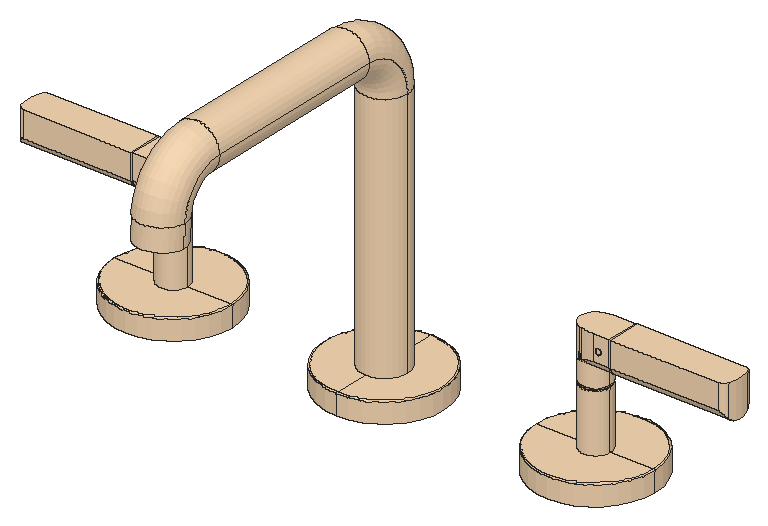
Revit family "Faucet-Lavatory-KALLISTA-One_Nazare-P23325", category Plumbing Fixtures, host Face, Revit 2022
Family settings
  Host = Face
  Round Connector Dimension = Use Diameter
  Part Type = Normal
  OmniClass Number = 23.31.11.00
  Cut with Voids When Loaded = No
  Maintain Annotation Orientation = No
  Shared = No
  Room Calculation Point = No
Parameters (values of type "2MB-Brushed Brass")
  Width [instance] = Faucet Hole Spacing  # 8"
  WaterSense Certified = 1 = 1  # yes
  Waste Water Outlet = "Waste Water Outlet"  # constant formula
  Waste Connection = 1 = 0  # no
  Vent Connection = 1 = 0  # no
  URL = "https://www.kallista.com/"
  Type = 4
  Spout Reach = 5.31102"  # constant formula
  Product Page URL = ""
  Product Name = "One Nazare"  # constant formula
  Product Documentation Link = "https://resources.kohler.com/interiors/kallista/pdf/1374843-4.pdf"
  Pressure = 60.00 psi  # constant formula
  Model = if(Type = 1, "P23325-LV-CP", if(Type = 2, "P23325-LV-SN", if(Type = 3, "P23325-LV-BAF", if(Type = 4, "P23325-LV-2MB", "NA"))))  # "P23325-LV-2MB"
  Material = "Premium Metal Construction"  # constant formula
  Master Format 2014 Name = "Residential Faucets, Supplies, and Trim"  # constant formula
  Master Format 2014 = "22 41 39"  # constant formula
  Manufacturer Address = "444 Highland Dr, Kohler, WI 53044"  # constant formula
  Manufacturer = "Kallista Co."  # constant formula
  Length = Spout Reach  # 5.31102"
  Hot Water Inlet = "Hot Water Inlet"  # constant formula
  Height = 6.48031"  # constant formula
  Handle Height = 2 133/256"  # constant formula
  Handle Clearance = 2.74016"  # constant formula
  HW Connection = 1 = 1  # yes
  Flow Rate = 1.2 GPM  # constant formula
  Finish = Kallista-Metal-2MB- Brushed_Brass
  Faucet Hole Spacing [instance] = 8"
  Environmental Product Declaration = ""
  Drain Included = 1 = 1  # yes
  Description = "Sink Faucet, Tall Spout, Lever Handle"  # constant formula
  Default Elevation = 36"
  Declare Label = ""
  Date Modified = "10/12/2024"  # constant formula
  Date Created = "01/05/2022"  # constant formula
  Copyright = "Copyright Kallista Co."  # constant formula
  Contact Us = "https://www.kallista.com/corporate/contact-us/"
  Cold Water Inlet = "Cold Water Inlet"  # constant formula
  CW Connection = 1 = 1  # yes
  Assembly Code = "D2010"
  ADA Compliant = 1 = 1  # yes
Types (5): name | Type | Product Page URL | Model | Finish
  (no name) | 4 | "" | "P23325-LV-2MB" | Kallista-Metal-2MB- Brushed_Brass
  CP-Chrome | 1 | "https://www.kallista.com/products/luxury-bathroom/faucets/sink-faucets/one-nazar%C3%A9-sink-faucet-tall-spout-lever-handles-p23325-lv/cp-chrome" | "P23325-LV-CP" | Kallista-Metal-CP-Chrome
  SN-Polished Nickel | 2 | "https://www.kallista.com/products/luxury-bathroom/faucets/sink-faucets/one-nazar%C3%A9-sink-faucet-tall-spout-lever-handles-p23325-lv/sn-polished-nickel" | "P23325-LV-SN" | Kallista-Metal-SN-Polished_Nickel
  BAF-Brushed French Gold | 3 | "https://www.kallista.com/products/luxury-bathroom/faucets/sink-faucets/one-nazar%C3%A9-sink-faucet-tall-spout-lever-handles-p23325-lv/baf-brushed-french-gold" | "P23325-LV-BAF" | Kallista-Metal-BAF-Brushed_French_Gold
  2MB-Brushed Brass | 4 | "" | "P23325-LV-2MB" | Kallista-Metal-2MB- Brushed_Brass
Reference planes (in)
  plane 1 "Center (Front/Back)": y = 0
  plane 2: z = 0
  plane 3 "Center (Left/Right)": x = 0
  plane 4: x = -4
  plane 5: x = 4
  plane 6: y = 1.12598
  plane 7: y = -1.12598
  plane 8: x = 5.12598
  plane 9: x = 2.87402
  plane 10: x = -6.74016
  plane 11: z = 1.81
  plane 12: z = 1.36
  plane 13: z = 0.3937
  plane 14: x = -5.12598
  plane 15: x = -2.87402
  plane 16: x = 6.74016
  plane 17: y = -5.31102
  plane 18: x = 1.12598
  plane 19: x = -1.12598
  plane 20: z = 6.48031
  plane 21: z = 4.83
  plane 22: y = -5.74402
  plane 23: z = 2.51953
  plane 24: y = 0.44094
  plane 25: y = -0.44094
  plane 26: z = 5.59811
  plane 27: x = 0.44094
  plane 28: x = -0.44094
  plane 29: x = 4.28001
  plane 30: x = 3.71999
  plane 31: x = -3.71999
  plane 32: x = -4.28001
Dimensions and locks (in)
  equal spacing: plane 4, plane 3 "Center (Left/Right)", plane 5
  "Width": plane 4 to plane 5
  "Length": plane 17 to plane 1 "Center (Front/Back)"
  "Handle Clearance": plane 4 to plane 10
  "Handle Clearance": plane 5 to plane 16
  "Height": plane 20 to level
  level to plane 21 = 4.83"
  locked: plane 4 to plane 14 at 1.12598
  locked: plane 15 to plane 4 at 1.12598
  locked: plane 9 to plane 5 at 1.12598
  locked: plane 5 to plane 8 at 1.12598
  "Handle Height": level to plane 23
  locked: plane 15 to plane 31 at 0.84597
  locked: plane 32 to plane 15 at 1.406
  locked: plane 30 to plane 9 at 0.84597
  locked: plane 9 to plane 29 at 1.406
  aligned and locked: plane 2 to host face
  aligned and locked: level to host face
  aligned and locked: plane 4 to nested 1  (x2)
  aligned and locked: nested 2 to plane 5  (x2)
  aligned and locked: plane 3 "Center (Left/Right)" to nested 3
Automatic sketch dimensions
  host sketch curve to host sketch curve = 96"  (x2)
Nested families (in)
  nested 1: "P23325_Handle" at (-4, 0, 0), type "P23325_Handle"
  nested 2: "P23325_Handle" at (4, 0, 0) x (-1, 0, 0) z (0, 0, 1), type "P23325_Handle"
  nested 3: "P23325_Spout" at (0, 0, 0), type "P23325_Spout"
Connectors (in)
  piping at (4, 0, 0), diameter 0.5, driven by "Flow Rate", driven by "Pressure", driven by "CW Connection", driven by "Cold Water Inlet"
    settings: on nested 2, index 1, connector inside diameter 24", connector length 0", flow factor 0, pipe flow 1.2 GPM, pressure drop 60.00 psi, fitting loss kfactor 0, connector angle 0.00°, fixture units 0, engagement length 0", angle of deflection 0.00°, flow configuration 1, flow direction 1, fitting loss method 4, system type 20, joint type 0, gender type 0, connector reference index -1, connector utility 1, adjustable connector no, is connector primary yes, connector description "Cold Water Inlet"
  piping at (-4, 0, 0), diameter 0.5, driven by "Flow Rate", driven by "Pressure", driven by "HW Connection", driven by "Hot Water Inlet"
    settings: on nested 1, index 3, connector inside diameter 24", connector length 0", flow factor 0, pipe flow 1.2 GPM, pressure drop 60.00 psi, fitting loss kfactor 0, connector angle 0.00°, fixture units 0, engagement length 0", angle of deflection 0.00°, flow configuration 1, flow direction 1, fitting loss method 4, system type 19, joint type 0, gender type 0, connector reference index -1, connector utility 1, adjustable connector no, is connector primary no, connector description "Hot Water Inlet"
Definition of nested family "P23325_Handle"
  Parameters (values of type "P23325_Handle")
    Material = none
    Default Elevation = 0"
  Reference planes (in)
    plane 1 "Center (Front/Back)": y = 0
    plane 2: z = 0
    plane 3 "Center (Left/Right)": x = 0
    plane 4: y = 1.12598
    plane 5: x = -1.12598
    plane 6: z = 2.52
    plane 7: z = 1.81
    plane 8: z = 0.3937
    plane 9: x = -2.74
    plane 10: x = 0
    plane 11: y = -1.12598
    plane 12: x = 1.12598
    plane 13: z = 1.51
    plane 14: x = 0.28001
    plane 15: x = -0.28001
  Forms (in)
    Revolve 1, solid, material <- "Material", detail levels coarse
      sketch origin (0, 0, 0) x (1, 0, 0) y (0, 0, 1)
        loop
          line (0, 0) -> (0, 1.78015) -> (-0.27976, 1.78015) -> (-0.27976, 1.63902) -> (-0.27976, 0.3937) -> (-1.12598, 0.3937) -> (-1.12598, 0) -> (0, 0)
        axis (0, 0) -> (0, 1.78015)
      angle from 0 to 360
    Extrusion 2, solid, material <- "Material", detail levels medium+fine
      sketch origin (0, 0, 0) x (1, 0, 0) y (0, 1, 0)
        loop
          circle (0, 0) r 0.25
      from 0 to 0.07874
    Extrusion 3, solid, material <- "Material", detail levels medium+fine
      sketch origin (0, 0, 0) x (1, 0, 0) y (0, 1, 0)
        loop
          arc (0.07816, 0.26862) -> (0.06077, 0.27359) -> (0.04333, 0.27838) r 1.85399
          arc (0.04333, 0.27838) -> (-0.08736, 0.30457) -> (-0.22036, 0.31335) r 1.01181
          line (-0.22036, 0.31335) -> (-2.58143, 0.31335)
          arc (-2.58143, 0.31335) -> (-2.66037, 0.28717) -> (-2.70802, 0.21902) r 0.1321
          arc (-2.70802, 0.21902) -> (-2.74, 0.00079) -> (-2.70847, -0.2175) r 0.76598
          arc (-2.70847, -0.2175) -> (-2.66022, -0.28674) -> (-2.58012, -0.31335) r 0.13386
          line (-2.58012, -0.31335) -> (-0.22036, -0.31335)
          arc (-0.22036, -0.31335) -> (-0.08736, -0.30457) -> (0.04333, -0.27838) r 1.01181
          arc (0.04333, -0.27838) -> (0.06077, -0.27359) -> (0.07816, -0.26862) r 1.85399
          arc (0.07816, -0.26862) -> (0.27976, 0) -> (0.07816, 0.26862) r 0.27976
      from 1.81 to 2.52
    Extrusion 4, void
      sketch origin (0, 0, 0) x (0, 1, 0) y (0, 0, 1)
        loop
          line (0.43044, 2.15052) -> (0.33619, 2.15052)
          arc (0.33619, 2.15052) -> (0.27495, 1.97059) -> (0.12815, 1.84986) r 0.34721
          arc (0.12815, 1.84986) -> (0, 1.82315) -> (-0.12815, 1.84986) r 0.32074
          arc (-0.12815, 1.84986) -> (-0.27495, 1.97059) -> (-0.33619, 2.15052) r 0.34721
          line (-0.33619, 2.15052) -> (-0.43044, 2.15052) -> (-0.43044, 1.71114) -> (0.43044, 1.71114) -> (0.43044, 2.15052)
      from -2.96352 to 0.54766
    Extrusion 5, void
      sketch origin (0, 0, 0) x (0, 1, 0) y (0, 0, 1)
        loop
          line (0.35272, 2.55937) -> (-0.35272, 2.55937) -> (-0.35272, 2.036)
          arc (-0.35272, 2.036) -> (-0.26687, 1.89895) -> (-0.13246, 1.80901) r 0.38658
          spline (-0.13246, 1.80901) -> (-0.11127, 1.80135) -> (-0.0896, 1.79504) -> (-0.06754, 1.7901) -> (-0.04519, 1.78655) -> (-0.02264, 1.78441) -> (0, 1.78369) -> (0.02265, 1.78441) -> (0.04519, 1.78655) -> (0.06754, 1.7901) -> (0.0896, 1.79504) -> (0.11128, 1.80135) -> (0.13246, 1.80901)
          arc (0.13246, 1.80901) -> (0.26687, 1.89895) -> (0.35272, 2.036) r 0.38658
          line (0.35272, 2.036) -> (0.35272, 2.55937)
        loop
          line (0.27398, 2.48063) -> (-0.27398, 2.48063) -> (-0.27398, 2.0507)
          arc (-0.27398, 2.0507) -> (-0.20575, 1.94914) -> (-0.10336, 1.88217) r 0.30784
          spline (-0.10336, 1.88217) -> (-0.08689, 1.87622) -> (-0.07001, 1.8713) -> (-0.0528, 1.86745) -> (-0.03534, 1.86468) -> (-0.01771, 1.863) -> (0, 1.86243) -> (0.01771, 1.863) -> (0.03534, 1.86468) -> (0.0528, 1.86745) -> (0.07001, 1.87131) -> (0.08689, 1.87622) -> (0.10336, 1.88217)
          arc (0.10336, 1.88217) -> (0.20575, 1.94914) -> (0.27398, 2.0507) r 0.30784
          line (0.27398, 2.0507) -> (0.27398, 2.48063)
      from -0.54223 to -0.51098
    Extrusion 6, void
      sketch origin (0, 0, 0) x (1, 0, 0) y (0, 0, 1)
        loop
          circle (-0.31133, 2.24331) r 0.05906
      from 0.3062 to 0.37148
    Extrusion 7, void
      sketch origin (0, 0, 0) x (1, 0, 0) y (0, 0, -1)
        loop
          circle (-0.31133, -2.24331) r 0.05906
      from 0.3062 to 0.37148
    Extrusion 8, solid, material <- "Material", detail levels coarse
      sketch origin (0, 0, 0) x (1, 0, 0) y (0, 1, 0)
        loop
          line (-0.22036, 0.31335) -> (-2.67298, 0.31335)
          arc (-2.67298, 0.31335) -> (-2.74, 0.00087) -> (-2.67368, -0.31176) r 0.76598
          line (-2.67368, -0.31176) -> (-0.16377, -0.31176)
          arc (-0.16377, -0.31176) -> (-0.01872, -0.29595) -> (0.11951, -0.24925) r 0.67314
          arc (0.11951, -0.24925) -> (0.27841, 0.03332) -> (0.06077, 0.27359) r 0.27736
          arc (0.06077, 0.27359) -> (-0.07839, 0.30336) -> (-0.22036, 0.31335) r 1.01368
      from 1.78015 to 2.52
    Extrusion 9, solid, detail levels medium+fine
      sketch origin (0, 0, 0) x (1, 0, 0) y (0, 0, 1)
        loop
          circle (-0.31133, 2.24331) r 0.04997
      from 0.28729 to 0.31176
    Extrusion 10, solid, detail levels medium+fine
      sketch origin (0, 0, 0) x (1, 0, 0) y (0, 0, -1)
        loop
          circle (-0.31133, -2.24331) r 0.04997
      from 0.28729 to 0.31176
    Revolve 11, solid, material <- "Material", detail levels medium+fine
      sketch origin (0, 0, 0) x (1, 0, 0) y (0, 0, 1)
        loop
          line (0, 0) -> (0, 2.07226) -> (-0.27976, 2.07226) -> (-0.27976, 1.52969)
          arc (-0.27976, 1.52969) -> (-0.27399, 1.51577) -> (-0.26007, 1.51) r 0.01969
          arc (-0.26007, 1.51) -> (-0.27399, 1.50423) -> (-0.27976, 1.49031) r 0.01969
          line (-0.27976, 1.49031) -> (-0.27976, 0.3937) -> (-1.1063, 0.3937)
          arc (-1.1063, 0.3937) -> (-1.12022, 0.38794) -> (-1.12598, 0.37402) r 0.01969
          line (-1.12598, 0.37402) -> (-1.12598, 0) -> (0, 0)
        axis (0, 0) -> (0, 2.07226)
      angle from 0 to 360
  Cuts and joins
    Extrusion 4, Extrusion 5, Extrusion 6, Extrusion 7 cuts Extrusion 3
  Lines and regions (in)
    Masking region 1
      outline origin (0, 0, 0) x (1, 0, 0) y (0, 1, 0)
        loop
          line (-1.08151, 0.31335) -> (-2.58143, 0.31335)
          arc (-2.58143, 0.31335) -> (-2.66037, 0.28717) -> (-2.70802, 0.21902) r 0.1321
          arc (-2.70802, 0.21902) -> (-2.74, 0.00079) -> (-2.70847, -0.2175) r 0.76598
          arc (-2.70847, -0.2175) -> (-2.66022, -0.28674) -> (-2.58012, -0.31335) r 0.13386
          line (-2.58012, -0.31335) -> (-1.08151, -0.31335)
          arc (-1.08151, -0.31335) -> (1.12598, 0) -> (-1.08151, 0.31335) r 1.12598
    Masking region 2
      outline origin (0, 0, 0) x (1, 0, 0) y (0, 0, 1)
        loop
          line (-1.12598, 0.37402) -> (-1.12598, 0) -> (1.12598, 0) -> (1.12598, 0.37402)
          arc (1.12598, 0.37402) -> (1.12022, 0.38794) -> (1.1063, 0.3937) r 0.01969
          line (1.1063, 0.3937) -> (0.28001, 0.3937) -> (0.28001, 1.49031)
          arc (0.28001, 1.49031) -> (0.27425, 1.50423) -> (0.26033, 1.51) r 0.01969
          arc (0.26033, 1.51) -> (0.27425, 1.51577) -> (0.28001, 1.52969) r 0.01969
          line (0.28001, 1.52969) -> (0.28001, 2.48063)
          arc (0.28001, 2.48063) -> (0.26848, 2.50847) -> (0.24064, 2.52) r 0.03937
          line (0.24064, 2.52) -> (-0.49013, 2.52)
          arc (-0.49013, 2.52) -> (-0.50487, 2.51389) -> (-0.51098, 2.49915) r 0.02085
          line (-0.51098, 2.49915) -> (-0.51098, 2.4671) -> (-0.54223, 2.4671) -> (-0.54223, 2.49915)
          arc (-0.54223, 2.49915) -> (-0.54834, 2.51389) -> (-0.56308, 2.52) r 0.02085
          line (-0.56308, 2.52) -> (-2.70018, 2.52)
          arc (-2.70018, 2.52) -> (-2.72834, 2.50834) -> (-2.74, 2.48018) r 0.03982
          line (-2.74, 2.48018) -> (-2.74, 2.24507)
          arc (-2.74, 2.24507) -> (-2.73187, 2.10215) -> (-2.70758, 1.96108) r 1.26022
          arc (-2.70758, 1.96108) -> (-2.64894, 1.86024) -> (-2.54367, 1.81) r 0.19774
          line (-2.54367, 1.81) -> (-0.56204, 1.81)
          arc (-0.56204, 1.81) -> (-0.54798, 1.81645) -> (-0.54223, 1.83082) r 0.02085
          line (-0.54223, 1.83082) -> (-0.54223, 1.86323) -> (-0.51098, 1.86323) -> (-0.51098, 1.83082)
          arc (-0.51098, 1.83082) -> (-0.50524, 1.81645) -> (-0.49117, 1.81) r 0.02085
          arc (-0.49117, 1.81) -> (-0.47054, 1.81029) -> (-0.44996, 1.80894) r 0.25791
          arc (-0.44996, 1.80894) -> (-0.32875, 1.74706) -> (-0.28001, 1.62) r 0.19
          line (-0.28001, 1.62) -> (-0.28001, 1.52969)
          arc (-0.28001, 1.52969) -> (-0.27425, 1.51577) -> (-0.26033, 1.51) r 0.01969
          arc (-0.26033, 1.51) -> (-0.27425, 1.50423) -> (-0.28001, 1.49031) r 0.01969
          line (-0.28001, 1.49031) -> (-0.28001, 0.3937) -> (-1.1063, 0.3937)
          arc (-1.1063, 0.3937) -> (-1.12022, 0.38794) -> (-1.12598, 0.37402) r 0.01969
    Masking region 3
      outline origin (0, 0, 0) x (0, 1, 0) y (0, 0, 1)
        loop
          line (0.31335, 2.14167) -> (0.31335, 2.48063)
          arc (0.31335, 2.48063) -> (0.30182, 2.50847) -> (0.27398, 2.52) r 0.03937
          line (0.27398, 2.52) -> (-0.27398, 2.52)
          arc (-0.27398, 2.52) -> (-0.30182, 2.50847) -> (-0.31335, 2.48063) r 0.03937
          line (-0.31335, 2.48063) -> (-0.31335, 2.14167)
          arc (-0.31335, 2.14167) -> (-0.30994, 2.07521) -> (-0.30272, 2.00906) r 1.15753
          arc (-0.30272, 2.00906) -> (-0.2855, 1.84271) -> (-0.27976, 1.67558) r 2.4333
          line (-0.27976, 1.67558) -> (-0.27976, 1.52969)
          arc (-0.27976, 1.52969) -> (-0.27399, 1.51577) -> (-0.26007, 1.51) r 0.01969
          arc (-0.26007, 1.51) -> (-0.27399, 1.50423) -> (-0.27976, 1.49031) r 0.01969
          line (-0.27976, 1.49031) -> (-0.27976, 0.3937) -> (-1.1063, 0.3937)
          arc (-1.1063, 0.3937) -> (-1.12022, 0.38794) -> (-1.12598, 0.37402) r 0.01969
          line (-1.12598, 0.37402) -> (-1.12598, 0) -> (1.12598, 0) -> (1.12598, 0.37402)
          arc (1.12598, 0.37402) -> (1.12022, 0.38794) -> (1.1063, 0.3937) r 0.01969
          line (1.1063, 0.3937) -> (0.27976, 0.3937) -> (0.27976, 1.49031)
          arc (0.27976, 1.49031) -> (0.27399, 1.50423) -> (0.26007, 1.51) r 0.01969
          arc (0.26007, 1.51) -> (0.27399, 1.51577) -> (0.27976, 1.52969) r 0.01969
          line (0.27976, 1.52969) -> (0.27976, 1.67558)
          arc (0.27976, 1.67558) -> (0.2855, 1.84271) -> (0.30272, 2.00906) r 2.4333
          arc (0.30272, 2.00906) -> (0.30994, 2.07521) -> (0.31335, 2.14167) r 1.15753
    symbolic lines, detail levels medium+fine
      curve 1: line (-1.08151, -0.31335, 0) -> (-0.55798, -0.31335, 0)
      curve 2: line (-0.22036, 0.31335, 0) -> (-0.49523, 0.31335, 0)
      curve 3: line (-0.54223, 0.2976, 0) -> (-0.54223, -0.2976, 0)
      curve 4: line (-0.51098, -0.2976, 0) -> (-0.51098, 0.2976, 0)
      curve 5: line (-0.54223, 0.27398, 0) -> (-0.51098, 0.27398, 0)
      curve 6: line (-0.51098, -0.27398, 0) -> (-0.54223, -0.27398, 0)
      curve 7: arc (0.04333, 0.27838, 0) -> (-0.08736, 0.30457, 0) -> (-0.22036, 0.31335, 0) r 1.01181
      curve 8: arc (0.07816, -0.26862, 0) -> (0.27976, 0, 0) -> (0.07816, 0.26862, 0) r 0.27976
      curve 9: arc (0.04333, -0.27838, 0) -> (0.06077, -0.27359, 0) -> (0.07816, -0.26862, 0) r 1.85399
      curve 10: arc (-0.22036, -0.31335, 0) -> (-0.08736, -0.30457, 0) -> (0.04333, -0.27838, 0) r 1.01181
      curve 11: arc (0.07816, 0.26862, 0) -> (0.06077, 0.27359, 0) -> (0.04333, 0.27838, 0) r 1.85399
      curve 12: line (-0.54223, 0, 2.48018) -> (-0.54223, 0, 1.86323)
      curve 13: line (-0.51098, 0, 2.48063) -> (-0.51098, 0, 1.86323)
      curve 14: line (-0.26007, 0, 1.51) -> (0.26007, 0, 1.51)
      curve 15: line (-0.28001, 0, 1.52969) -> (0.28001, 0, 1.52969)
      curve 16: line (-0.28001, 0, 1.49031) -> (0.28001, 0, 1.49031)
      curve 17: line (-0.28001, 0, 0.3937) -> (0.28001, 0, 0.3937)
      curve 18: circle (-0.31133, 0, 2.24331) r 0.05906 normal (0, -1, 0)
      curve 19: circle (-0.31133, 0, 2.24331) r 0.04997 normal (0, 1, 0)
      curve 20: line (0, 0.27976, 0.3937) -> (0, -0.27976, 0.3937)
      curve 21: line (0, 0.26007, 1.51) -> (0, -0.26007, 1.51)
      curve 22: line (0, 0.27976, 1.49031) -> (0, -0.27976, 1.49031)
      curve 23: line (0, 0.27976, 1.52969) -> (0, -0.27976, 1.52969)
      curve 24: arc (0, 0.12815, 1.84986) -> (0, 0, 1.82315) -> (0, -0.12815, 1.84986) r 0.32074
      curve 25: arc (0, -0.12815, 1.84986) -> (0, -0.20022, 1.89225) -> (0, -0.26007, 1.95065) r 0.34721
      curve 26: arc (0, 0.26007, 1.95065) -> (0, 0.20022, 1.89225) -> (0, 0.12815, 1.84986) r 0.34721
      curve 27: arc (0, 0.308, 2.05354) -> (0, 0.29026, 1.99919) -> (0, 0.26007, 1.95065) r 0.23775
      curve 28: arc (0, -0.308, 2.05354) -> (0, -0.29026, 1.99919) -> (0, -0.26007, 1.95065) r 0.23775
      curve 29: arc (0, -0.23376, 2.09958) -> (0, -0.22474, 2.04679) -> (0, -0.1987, 1.99998) r 0.15901
      curve 30: arc (0, -0.1987, 1.99998) -> (0, -0.15242, 1.95482) -> (0, -0.09669, 1.92204) r 0.26847
      curve 31: arc (0, -0.09669, 1.92204) -> (0, 0, 1.90189) -> (0, 0.09669, 1.92204) r 0.242
      curve 32: arc (0, 0.09669, 1.92204) -> (0, 0.15242, 1.95482) -> (0, 0.1987, 1.99998) r 0.26847
      curve 33: arc (0, 0.1987, 1.99998) -> (0, 0.22474, 2.04679) -> (0, 0.23376, 2.09958) r 0.15901
      curve 34: line (0, 0.23461, 2.09958) -> (0, 0.23461, 2.46094)
      curve 35: line (0, 0.31335, 2.48063) -> (0, -0.31335, 2.48063)
      curve 36: line (0, -0.23461, 2.46094) -> (0, -0.23461, 2.09958)
      curve 37: arc (0, 0.23461, 2.46094) -> (0, 0.22884, 2.47486) -> (0, 0.21492, 2.48063) r 0.01969
      curve 38: arc (0, -0.21492, 2.48063) -> (0, -0.22884, 2.47486) -> (0, -0.23461, 2.46094) r 0.01969
      curve 39: arc (-2.43476, 0, 1.89458) -> (-1.60569, 0, 1.88482) -> (-0.77661, 0, 1.89458) r 35.22615
      curve 40: arc (-2.72015, 0, 2.02229) -> (-2.59031, 0, 1.92971) -> (-2.43476, 0, 1.89458) r 0.40409
      curve 41: line (-0.51098, 0, 1.88217) -> (-0.44132, 0, 1.88217)
      curve 42: arc (-0.44132, 0, 1.88217) -> (-0.297, 0, 1.83146) -> (-0.21613, 0, 1.70161) r 0.2307
      curve 43: arc (-0.21613, 0, 1.70161) -> (-0.20297, 0, 1.61614) -> (-0.20122, 0, 1.52969) r 0.65267
      curve 44: arc (-2.43291, 0, 1.9733) -> (-1.60569, 0, 1.96356) -> (-0.77846, 0, 1.9733) r 35.14741
      curve 45: line (-0.51098, 0, 1.96091) -> (-0.44132, 0, 1.96091)
      curve 46: arc (-0.44132, 0, 1.96091) -> (-0.24774, 0, 1.89289) -> (-0.13927, 0, 1.71872) r 0.30944
      curve 47: arc (-0.13927, 0, 1.71872) -> (-0.12452, 0, 1.62294) -> (-0.12257, 0, 1.52606) r 0.73141
      curve 48: arc (-2.73482, 0, 2.13091) -> (-2.60222, 0, 2.01695) -> (-2.43291, 0, 1.9733) r 0.38544
      curve 49: line (-0.55798, 0.31335, 0) -> (-1.08151, 0.31335, 0)
      curve 50: line (-0.49523, -0.31335, 0) -> (-0.22036, -0.31335, 0)
      curve 51: arc (-2.58143, 0.28973, 0) -> (-2.64625, 0.26823, 0) -> (-2.68539, 0.21226, 0) r 0.10848
      curve 52: arc (-2.68539, 0.21226, 0) -> (-2.71638, 0.00077, 0) -> (-2.68582, -0.21079, 0) r 0.74236
      curve 53: line (-0.22036, 0.28973, 0) -> (-0.51098, 0.28973, 0)
      curve 54: line (-2.59874, -0.28814, 0) -> (-0.54223, -0.28814, 0)
      curve 55: arc (-2.68582, -0.21079, 0) -> (-2.65333, -0.26191, 0) -> (-2.59874, -0.28814, 0) r 0.11024
      curve 56: arc (0.07156, -0.24594, 0) -> (0.25614, 0, 0) -> (0.07156, 0.24594, 0) r 0.25614
      curve 57: arc (0.03717, 0.25558, 0) -> (-0.09046, 0.28115, 0) -> (-0.22036, 0.28973, 0) r 0.98819
      curve 58: arc (-0.16444, -0.28814, 0) -> (-0.06279, -0.27708, 0) -> (0.03717, -0.25558, 0) r 0.98819
      curve 59: arc (0.03717, -0.25558, 0) -> (0.05439, -0.25084, 0) -> (0.07156, -0.24594, 0) r 1.83037
      curve 60: arc (0.07156, 0.24594, 0) -> (0.05439, 0.25084, 0) -> (0.03717, 0.25558, 0) r 1.83037
      curve 61: line (-0.54223, 0.28973, 0) -> (-2.58143, 0.28973, 0)
      curve 62: line (-0.51098, -0.28814, 0) -> (-0.16444, -0.28814, 0)
      curve 63: arc (-0.54223, 0.2976, 0) -> (-0.54684, 0.30874, 0) -> (-0.55798, 0.31335, 0) r 0.01575
      curve 64: arc (-0.49523, 0.31335, 0) -> (-0.50637, 0.30874, 0) -> (-0.51098, 0.2976, 0) r 0.01575
      curve 65: arc (-0.49523, -0.31335, 0) -> (-0.50637, -0.30874, 0) -> (-0.51098, -0.2976, 0) r 0.01575
      curve 66: arc (-0.55798, -0.31335, 0) -> (-0.54684, -0.30874, 0) -> (-0.54223, -0.2976, 0) r 0.01575
      curve 67: line (-0.55798, -0.31335, 0) -> (-0.55798, 0.31335, 0)
      curve 68: line (-0.49523, 0.31335, 0) -> (-0.49523, -0.31335, 0)
      curve 69: arc (1.10236, 0, 0) -> (0.15832, 1.09093, 0) -> (-1.05689, 0.31335, 0) r 1.10236
      curve 70: arc (-1.05689, -0.31335, 0) -> (0.15832, -1.09093, 0) -> (1.10236, 0, 0) r 1.10236
      curve 71: line (-1.12598, 0, 0.37402) -> (1.12598, 0, 0.37402)
      curve 72: arc (-0.77846, 0, 1.9733) -> (-0.65944, 0, 1.9828) -> (-0.54223, 0, 2.00559) r 1.06364
      curve 73: arc (-0.77661, 0, 1.89458) -> (-0.65826, 0, 1.90502) -> (-0.54223, 0, 1.93061) r 0.92178
      curve 74: arc (-0.54223, 0, 2.00559) -> (-0.3147, 0, 2.01371) -> (-0.10406, 0, 1.92728) r 0.53974
      curve 75: arc (-0.10406, 0, 1.92728) -> (0.07946, 0, 1.84578) -> (0.28001, 0, 1.83573) r 0.54893
      curve 76: arc (-0.14864, 0, 1.86237) -> (-0.22752, 0, 1.90588) -> (-0.31336, 0, 1.93321) r 0.461
      curve 77: arc (0.27976, 0, 1.75634) -> (0.05593, 0, 1.77046) -> (-0.14864, 0, 1.86237) r 0.62767
      curve 78: arc (0.27976, 0, 1.67712) -> (0.0533, 0, 1.6902) -> (-0.15733, 0, 1.77438) r 0.70641
      curve 79: line (-0.36567, 0, 2.52) -> (-0.38679, 0, 2.02164)
      curve 80: arc (-0.38679, 0, 2.02164) -> (-0.40633, 0, 1.91101) -> (-0.45413, 0, 1.80935) r 0.42552
      curve 81: line (-0.22036, 0, 2.52) -> (-0.28001, 0, 1.9908)
      curve 82: arc (-0.28001, 0, 1.9908) -> (-0.30892, 0, 1.87924) -> (-0.36779, 0, 1.78015) r 0.40925
      curve 83: line (-0.13517, 0, 2.52) -> (-0.18679, 0, 2.06209)
      curve 84: arc (-0.18679, 0, 2.06209) -> (-0.17316, 0, 1.94051) -> (-0.10823, 0, 1.83683) r 0.27548
      curve 85: arc (-0.10823, 0, 1.83683) -> (-0.08855, 0, 1.6838) -> (-0.08136, 0, 1.52969) r 1.8998
      curve 86: arc (0, 0.16519, 2.48063) -> (0, 0.17978, 2.22292) -> (0, 0.16519, 1.96522) r 2.28391
      curve 87: arc (0, 0.26007, 1.95065) -> (0, 0.23839, 1.7407) -> (0, 0.23376, 1.52969) r 2.6082
      curve 88: arc (0, 0.23376, 1.92146) -> (0, 0.20778, 1.72614) -> (0, 0.19258, 1.52969) r 3.58174
      curve 89: arc (0, -0.26007, 1.95065) -> (0, -0.23839, 1.7407) -> (0, -0.23376, 1.52969) r 2.6082
      curve 90: arc (0, -0.23376, 1.92146) -> (0, -0.20778, 1.72614) -> (0, -0.19258, 1.52969) r 3.58174
      curve 91: line (0, 1.12598, 0.37402) -> (0, -1.12598, 0.37402)
      curve 92: line (-2.74, 0, 2.48018) -> (-0.54223, 0, 2.48018)
      curve 93: line (0.28001, 0, 2.48063) -> (-0.51098, 0, 2.48063)
      curve 94: line (-0.56308, 0, 2.52) -> (-0.56308, 0, 1.81)
      curve 95: line (-0.49117, 0, 1.81) -> (-0.49117, 0, 2.5223)
      curve 96: line (0.24064, 0, 2.52) -> (0.24064, 0, 1.52969)
      curve 97: arc (-2.70018, 0, 2.52) -> (-2.7199, 0, 2.2612) -> (-2.70018, 0, 2.00241) r 1.70789
  Dimensions and locks (in)
    plane 9 to plane 3 "Center (Left/Right)" = 2.74"
    plane 8 to level = 0.3937"
    plane 7 to level = 1.81"
    plane 6 to level = 2.52"
    plane 4 to plane 1 "Center (Front/Back)" = 1.12598"
    locked: plane 9 to plane 10 at 2.74
    locked: plane 5 to plane 12 at 2.25197
    locked: plane 4 to plane 11 at 2.25197
    aligned and locked: level to plane 2
Definition of nested family "P23325_Spout"
  Parameters (values of type "P23325_Spout")
    Material = none
    Default Elevation = 0"
  Reference planes (in)
    plane 1 "Center (Front/Back)": y = 0
    plane 2: z = 0
    plane 3 "Center (Left/Right)": x = 0
    plane 4: y = 1.12598
    plane 5: x = 1.12598
    plane 6: z = 6.48
    plane 7: z = 4.83
    plane 8: y = -5.31
    plane 9: z = 0.39985
    plane 10: y = -1.12598
    plane 11: x = -1.12598
    plane 12: z = 6.03906
    plane 13: y = -5.74402
    plane 14: y = 0.44094
    plane 15: y = -0.44094
    plane 16: z = 5.59811
    plane 17: y = -4.86213
    plane 18 "1": through (0, -5.53464, 4.85351) normal (0, 0.0523, 0.9986)
    plane 19: x = 0.44094
    plane 20: x = -0.44094
  Forms (in)
    Sweep 1, solid, material <- "Material", detail levels medium+fine
      path origin (0, -0.07639, -0.02763) x (0, 1, 0) y (0, 0, 1)
        loop
          line (-5.23168, 4.85763) -> (-5.20984, 5.27442)
          arc (-5.20984, 5.27442) -> (-4.95044, 5.83709) -> (-4.37496, 6.06669) r 0.83602
          line (-4.37496, 6.06669) -> (-0.83801, 6.06669)
          arc (-0.83801, 6.06669) -> (-0.19143, 5.79886) -> (0.07639, 5.15229) r 0.9144
          line (0.07639, 5.15229) -> (0.07639, 0.42133)
      profile origin (0, 0, 2.75918) x (1, 0, 0) y (0, 1, 0)
        loop
          circle (0, 0) r 0.44094
    Revolve 2, solid, material <- "Material", detail levels medium+fine
      sketch origin (0, 0, 0) x (0, 1, 0) y (0, 0, 1)
        loop
          line (0, 0) -> (1.12598, 0) -> (1.12598, 0.37402)
          arc (1.12598, 0.37402) -> (1.12022, 0.38794) -> (1.1063, 0.3937) r 0.01969
          line (1.1063, 0.3937) -> (0, 0.3937) -> (0, 0)
        axis (0, 0) -> (0, 0.3937)
      angle from 0 to 360
    Revolve 3, solid, detail levels medium+fine
      sketch origin (0, 0.07382, 0.00308) x (0, 1, 0) y (0, 0, 1)
        loop
          line (-5.3812, 4.84014) -> (-5.37615, 4.93641) -> (-5.6919, 4.95296) -> (-5.6957, 4.8806)
          arc (-5.6957, 4.8806) -> (-5.68958, 4.86332) -> (-5.67303, 4.85543) r 0.02395
          line (-5.67303, 4.85543) -> (-5.3812, 4.84014)
        axis (-5.3812, 4.84014) -> (-5.37615, 4.93641)
      angle from 0 to 360
    Revolve 4, solid, material <- "Material", detail levels coarse
      sketch origin (0, 0, 0) x (0, 1, 0) y (0, 0, 1)
        loop
          line (0, 0) -> (1.12598, 0) -> (1.12598, 0.39985) -> (0, 0.39985) -> (0, 0)
        axis (0, 0) -> (0, 0.39985)
      angle from 0 to 360
    Sweep 5, solid, material <- "Material", detail levels coarse
      path origin (0, -0.07639, -0.02763) x (0, 1, 0) y (0, 0, 1)
        loop
          line (-5.23168, 4.85763) -> (-5.20518, 5.36325)
          arc (-5.20518, 5.36325) -> (-4.97487, 5.86283) -> (-4.46391, 6.06669) r 0.74229
          line (-4.46391, 6.06669) -> (-0.78866, 6.06669)
          arc (-0.78866, 6.06669) -> (-0.17698, 5.81332) -> (0.07639, 5.20163) r 0.86505
          line (0.07639, 5.20163) -> (0.07639, 0.42133)
      profile origin (0, 0, 2.78385) x (1, 0, 0) y (0, 1, 0)
        loop
          circle (0, 0) r 0.44094
    Extrusion 6, solid, detail levels medium+fine
      sketch origin (0, 0.23851, 4.55095) x (0, 0.99863, -0.052336) y (-1, 0, 0)
        loop
          arc (-5.19446, 0.06359) -> (-5.2166, 0.14017) -> (-5.25468, 0.21022) r 0.369
          line (-5.25468, 0.21022) -> (-5.28703, 0.18779)
          arc (-5.28703, 0.18779) -> (-5.25302, 0.12522) -> (-5.23324, 0.0568) r 0.32963
          line (-5.23324, 0.0568) -> (-5.19446, 0.06359)
        loop
          arc (-5.92175, -0.06168) -> (-5.91254, -0.10209) -> (-5.89885, -0.14121) r 0.369
          arc (-5.89885, -0.14121) -> (-5.88134, -0.1777) -> (-5.85993, -0.21205) r 0.369
          line (-5.85993, -0.21205) -> (-5.82771, -0.18942)
          arc (-5.82771, -0.18942) -> (-5.84425, -0.16335) -> (-5.85828, -0.13584) r 0.32963
          arc (-5.85828, -0.13584) -> (-5.8732, -0.09626) -> (-5.88293, -0.0551) r 0.32963
          line (-5.88293, -0.0551) -> (-5.92175, -0.06168)
        loop
          line (-5.36701, 0.2687) -> (-5.34421, 0.3008)
          arc (-5.34421, 0.3008) -> (-5.41347, 0.33954) -> (-5.4894, 0.36258) r 0.369
          line (-5.4894, 0.36258) -> (-5.49672, 0.32389)
          arc (-5.49672, 0.32389) -> (-5.42888, 0.30331) -> (-5.36701, 0.2687) r 0.32963
        loop
          line (-5.61254, 0.32508) -> (-5.61906, 0.3639)
          arc (-5.61906, 0.3639) -> (-5.69878, 0.34107) -> (-5.77138, 0.30101) r 0.369
          line (-5.77138, 0.30101) -> (-5.74861, 0.26889)
          arc (-5.74861, 0.26889) -> (-5.68375, 0.30468) -> (-5.61254, 0.32508) r 0.32963
        loop
          line (-5.82684, 0.19066) -> (-5.85895, 0.21343)
          arc (-5.85895, 0.21343) -> (-5.89878, 0.14138) -> (-5.92164, 0.0623) r 0.369
          line (-5.92164, 0.0623) -> (-5.88284, 0.05565)
          arc (-5.88284, 0.05565) -> (-5.86241, 0.1263) -> (-5.82684, 0.19066) r 0.32963
        loop
          line (-5.74474, -0.27159) -> (-5.76705, -0.30403)
          arc (-5.76705, -0.30403) -> (-5.6969, -0.34183) -> (-5.62028, -0.3637) r 0.369
          line (-5.62028, -0.3637) -> (-5.61363, -0.32489)
          arc (-5.61363, -0.32489) -> (-5.68208, -0.30536) -> (-5.74474, -0.27159) r 0.32963
        loop
          line (-5.49787, -0.32411) -> (-5.4907, -0.36282)
          arc (-5.4907, -0.36282) -> (-5.41451, -0.33998) -> (-5.34498, -0.30135) r 0.369
          line (-5.34498, -0.30135) -> (-5.36771, -0.2692)
          arc (-5.36771, -0.2692) -> (-5.42981, -0.30371) -> (-5.49787, -0.32411) r 0.32963
        loop
          line (-5.28663, -0.18721) -> (-5.25423, -0.20957)
          arc (-5.25423, -0.20957) -> (-5.21633, -0.1395) -> (-5.19435, -0.06293) r 0.369
          line (-5.19435, -0.06293) -> (-5.23314, -0.05622)
          arc (-5.23314, -0.05622) -> (-5.25278, -0.12462) -> (-5.28663, -0.18721) r 0.32963
      from 0.03154 to 0.19109
    Extrusion 7, solid, detail levels medium+fine
      sketch origin (0, 0.23851, 4.55095) x (0, 0.99863, -0.052336) y (-1, 0, 0)
        loop
          arc (-5.25468, 0.21022) -> (-5.29551, 0.2594) -> (-5.34421, 0.3008) r 0.369
          line (-5.34421, 0.3008) -> (-5.36701, 0.2687)
          arc (-5.36701, 0.2687) -> (-5.32351, 0.23172) -> (-5.28703, 0.18779) r 0.32963
          line (-5.28703, 0.18779) -> (-5.25468, 0.21022)
        loop
          arc (-5.4894, 0.36258) -> (-5.55417, 0.36898) -> (-5.61906, 0.3639) r 0.369
          line (-5.61906, 0.3639) -> (-5.61254, 0.32508)
          arc (-5.61254, 0.32508) -> (-5.55457, 0.32961) -> (-5.49672, 0.32389) r 0.32963
          line (-5.49672, 0.32389) -> (-5.4894, 0.36258)
        loop
          arc (-5.77138, 0.30101) -> (-5.81887, 0.26092) -> (-5.85895, 0.21343) r 0.369
          line (-5.85895, 0.21343) -> (-5.82684, 0.19066)
          arc (-5.82684, 0.19066) -> (-5.79103, 0.23308) -> (-5.74861, 0.26889) r 0.32963
          line (-5.74861, 0.26889) -> (-5.77138, 0.30101)
        loop
          arc (-5.92164, 0.0623) -> (-5.92694, 0.00031) -> (-5.92175, -0.06168) r 0.369
          line (-5.92175, -0.06168) -> (-5.88293, -0.0551)
          arc (-5.88293, -0.0551) -> (-5.88757, 0.00028) -> (-5.88284, 0.05565) r 0.32963
          line (-5.88284, 0.05565) -> (-5.92164, 0.0623)
        loop
          arc (-5.85993, -0.21205) -> (-5.81759, -0.26218) -> (-5.76705, -0.30403) r 0.369
          line (-5.76705, -0.30403) -> (-5.74474, -0.27159)
          arc (-5.74474, -0.27159) -> (-5.78989, -0.23421) -> (-5.82771, -0.18942) r 0.32963
          line (-5.82771, -0.18942) -> (-5.85993, -0.21205)
        loop
          arc (-5.62028, -0.3637) -> (-5.55545, -0.36899) -> (-5.4907, -0.36282) r 0.369
          line (-5.4907, -0.36282) -> (-5.49787, -0.32411)
          arc (-5.49787, -0.32411) -> (-5.55571, -0.32962) -> (-5.61363, -0.32489) r 0.32963
          line (-5.61363, -0.32489) -> (-5.62028, -0.3637)
        loop
          arc (-5.34498, -0.30135) -> (-5.29556, -0.25946) -> (-5.25423, -0.20957) r 0.369
          line (-5.25423, -0.20957) -> (-5.28663, -0.18721)
          arc (-5.28663, -0.18721) -> (-5.32356, -0.23178) -> (-5.36771, -0.2692) r 0.32963
          line (-5.36771, -0.2692) -> (-5.34498, -0.30135)
        loop
          arc (-5.19435, -0.06293) -> (-5.18894, 0.00033) -> (-5.19446, 0.06359) r 0.369
          line (-5.19446, 0.06359) -> (-5.23324, 0.0568)
          arc (-5.23324, 0.0568) -> (-5.22831, 0.0003) -> (-5.23314, -0.05622) r 0.32963
          line (-5.23314, -0.05622) -> (-5.19435, -0.06293)
      from 0 to 0.19109
    Extrusion 8, void
      sketch origin (0, 0.23851, 4.55095) x (0, 0.99863, -0.052336) y (-1, 0, 0)
        loop
          circle (-5.55794, 0) r 0.369
      from -0.31893 to 0.19109
  Cuts and joins
    Extrusion 8 cuts Sweep 1
  Lines and regions (in)
    Masking region 1
      outline origin (0, 0, 0) x (1, 0, 0) y (0, 1, 0)
        loop
          arc (0.44094, -1.03605) -> (0, 1.12598) -> (-0.44094, -1.03605) r 1.12598
          line (-0.44094, -1.03605) -> (-0.44094, -5.30296)
          arc (-0.44094, -5.30296) -> (0, -5.74391) -> (0.44094, -5.30296) r 0.44094
          line (0.44094, -5.30296) -> (0.44094, -1.03605)
    Masking region 2
      outline origin (0, 0, 0) x (1, 0, 0) y (0, 0, 1)
        loop
          arc (-1.10236, 0.39985) -> (-1.11907, 0.39293) -> (-1.12598, 0.37623) r 0.02362
          line (-1.12598, 0.37623) -> (-1.12598, 0) -> (1.12598, 0) -> (1.12598, 0.37623)
          arc (1.12598, 0.37623) -> (1.11907, 0.39293) -> (1.10236, 0.39985) r 0.02362
          line (1.10236, 0.39985) -> (0.44094, 0.39985) -> (0.44094, 6.03906)
          arc (0.44094, 6.03906) -> (0, 6.48) -> (-0.44094, 6.03906) r 0.44094
          line (-0.44094, 6.03906) -> (-0.44094, 0.39985) -> (-1.10236, 0.39985)
    Masking region 3
      outline origin (0, 0, 0) x (0, 1, 0) y (0, 0, 1)
        loop
          line (1.12598, 0) -> (1.12598, 0.38017)
          arc (1.12598, 0.38017) -> (1.12022, 0.39409) -> (1.1063, 0.39985) r 0.01969
          line (1.1063, 0.39985) -> (0.44094, 0.39985) -> (0.44094, 5.22016)
          arc (0.44094, 5.22016) -> (0.07195, 6.111) -> (-0.8189, 6.48) r 1.25984
          line (-0.8189, 6.48) -> (-4.50496, 6.48)
          arc (-4.50496, 6.48) -> (-5.34926, 6.14084) -> (-5.72431, 5.31187) r 1.22047
          line (-5.72431, 5.31187) -> (-5.74402, 4.85285) -> (-4.86773, 4.80692) -> (-4.84391, 5.26146)
          arc (-4.84391, 5.26146) -> (-4.73369, 5.50055) -> (-4.48916, 5.59811) r 0.35524
          line (-4.48916, 5.59811) -> (-0.83465, 5.59811)
          arc (-0.83465, 5.59811) -> (-0.55626, 5.4828) -> (-0.44094, 5.20441) r 0.3937
          line (-0.44094, 5.20441) -> (-0.44094, 0.39985) -> (-1.1063, 0.39985)
          arc (-1.1063, 0.39985) -> (-1.12022, 0.39409) -> (-1.12598, 0.38017) r 0.01969
          line (-1.12598, 0.38017) -> (-1.12598, 0) -> (1.12598, 0)
    symbolic lines, detail levels medium+fine
      curve 1: arc (0.44094, 0, 0) -> (0, 0.44094, 0) -> (-0.44094, 0, 0) r 0.44094
      curve 2: line (-0.44094, 0, 0) -> (-0.44094, -1.03605, 0)
      curve 3: line (0.44094, 0, 0) -> (0.44094, -1.03605, 0)
      curve 4: line (-0.44094, 0, 0.39985) -> (0.44094, 0, 0.39985)
      curve 5: line (0, 0.44094, 0.39985) -> (0, -0.44094, 0.39985)
      curve 6: spline (0.44094, 0, 4.83) -> (0.42592, 0, 4.83597) -> (0.38187, 0, 4.84154) -> (0.3118, 0, 4.84632) -> (0.22047, 0, 4.84999) -> (0.11412, 0, 4.85229) -> (0, 0, 4.85308) -> (-0.11412, 0, 4.85229) -> (-0.22047, 0, 4.84999) -> (-0.3118, 0, 4.84632) -> (-0.38187, 0, 4.84154) -> (-0.42592, 0, 4.83597) -> (-0.44094, 0, 4.83)
      curve 7: spline (-0.44094, 0, 4.83) -> (-0.42592, 0, 4.82403) -> (-0.38187, 0, 4.81846) -> (-0.3118, 0, 4.81368) -> (-0.22047, 0, 4.81001) -> (-0.11412, 0, 4.80771) -> (0, 0, 4.80692) -> (0.11412, 0, 4.80771) -> (0.22047, 0, 4.81001) -> (0.3118, 0, 4.81368) -> (0.38187, 0, 4.81846) -> (0.42592, 0, 4.82403) -> (0.44094, 0, 4.83)
      curve 8: spline (0, 0, 4.8094) -> (-0.1019, 0, 4.8101) -> (-0.19685, 0, 4.81216) -> (-0.27839, 0, 4.81543) -> (-0.34095, 0, 4.8197) -> (-0.38029, 0, 4.82467) -> (-0.3937, 0, 4.83) -> (-0.38029, 0, 4.83533) -> (-0.34095, 0, 4.8403) -> (-0.27839, 0, 4.84457) -> (-0.19685, 0, 4.84784) -> (-0.1019, 0, 4.8499) -> (0, 0, 4.8506)
      curve 9: spline (0, 0, 4.8506) -> (0.1019, 0, 4.8499) -> (0.19685, 0, 4.84784) -> (0.27839, 0, 4.84457) -> (0.34095, 0, 4.8403) -> (0.38029, 0, 4.83533) -> (0.3937, 0, 4.83) -> (0.38029, 0, 4.82467) -> (0.34095, 0, 4.8197) -> (0.27839, 0, 4.81543) -> (0.19685, 0, 4.81216) -> (0.1019, 0, 4.8101) -> (0, 0, 4.8094)
      curve 10: arc (-0.44094, -5.26605, 0) -> (0, -5.707, 0) -> (0.44094, -5.26605, 0) r 0.44094
      curve 11: line (0, -4.8478, 5.18728) -> (0, -5.72848, 5.23343)
      curve 12: spline (0.44094, 0, 5.29325) -> (0.42592, 0, 5.29922) -> (0.38187, 0, 5.30479) -> (0.3118, 0, 5.30957) -> (0.22047, 0, 5.31323) -> (0.11412, 0, 5.31554) -> (0, 0, 5.31633) -> (-0.11412, 0, 5.31554) -> (-0.22047, 0, 5.31323) -> (-0.3118, 0, 5.30957) -> (-0.38187, 0, 5.30479) -> (-0.42592, 0, 5.29922) -> (-0.44094, 0, 5.29325)
      curve 13: line (-0.44094, -0.91979, 0) -> (0.44094, -0.91979, 0)
      curve 14: line (-0.44094, -3.93205, 0) -> (0.44094, -3.93205, 0)
      curve 15: arc (0, 1.10236, 0) -> (-1.07911, 0.22522, 0) -> (-0.44094, -1.01033, 0) r 1.10236
      curve 16: arc (0.44094, -1.01033, 0) -> (1.07911, 0.22522, 0) -> (0, 1.10236, 0) r 1.10236
      curve 17: line (0, -4.48916, 5.59811) -> (0, -4.48916, 6.48)
      curve 18: line (0, -0.83465, 5.59811) -> (0, -0.83465, 6.48)
      curve 19: line (0, -0.44094, 5.20441) -> (0, 0.44094, 5.20441)
      curve 20: line (0, 1.12598, 0.37402) -> (0, -1.12598, 0.37402)
      curve 21: line (-0.2687, 0, 4.83184) -> (-0.3008, 0, 4.83065)
      curve 22: spline (-0.18779, 0, 4.82766) -> (-0.19554, 0, 4.82795) -> (-0.20313, 0, 4.82825) -> (-0.21055, 0, 4.82856) -> (-0.21779, 0, 4.82888) -> (-0.22485, 0, 4.82922) -> (-0.23172, 0, 4.82956) -> (-0.2384, 0, 4.82992) -> (-0.24488, 0, 4.83029) -> (-0.25116, 0, 4.83066) -> (-0.25722, 0, 4.83105) -> (-0.26307, 0, 4.83144) -> (-0.2687, 0, 4.83184)
      curve 23: spline (-0.3008, 0, 4.83065) -> (-0.29511, 0, 4.83024) -> (-0.28922, 0, 4.82984) -> (-0.28314, 0, 4.82945) -> (-0.27686, 0, 4.82907) -> (-0.27039, 0, 4.82869) -> (-0.26374, 0, 4.82833) -> (-0.25691, 0, 4.82797) -> (-0.2499, 0, 4.82762) -> (-0.24272, 0, 4.82729) -> (-0.23538, 0, 4.82696) -> (-0.22788, 0, 4.82664) -> (-0.22022, 0, 4.82634)
      curve 24: line (-0.18779, 0, 4.82766) -> (-0.18779, 0, 4.84811)
      curve 25: line (-0.22022, 0, 4.82634) -> (-0.22022, 0, 4.84708)
      curve 26: line (-0.2687, 0, 4.83184) -> (-0.2687, 0, 4.84506)
      curve 27: line (-0.3008, 0, 4.84329) -> (-0.3008, 0, 4.83065)
      curve 28: spline (0.02854, 0, 4.82465) -> (0.02181, 0, 4.82462) -> (0.01507, 0, 4.8246) -> (0.00833, 0, 4.82459) -> (0.00158, 0, 4.82458) -> (-0.00517, 0, 4.82458) -> (-0.01192, 0, 4.82459) -> (-0.01866, 0, 4.82461) -> (-0.02539, 0, 4.82463) -> (-0.03211, 0, 4.82466) -> (-0.03882, 0, 4.8247) -> (-0.04551, 0, 4.82475) -> (-0.05219, 0, 4.8248)
      curve 29: spline (-0.08665, 0, 4.82306) -> (-0.0744, 0, 4.82292) -> (-0.06206, 0, 4.8228) -> (-0.04964, 0, 4.8227) -> (-0.03717, 0, 4.82262) -> (-0.02466, 0, 4.82256) -> (-0.01211, 0, 4.82253) -> (0.00045, 0, 4.82252) -> (0.013, 0, 4.82253) -> (0.02554, 0, 4.82257) -> (0.03806, 0, 4.82262) -> (0.05052, 0, 4.8227) -> (0.06293, 0, 4.8228)
      curve 30: line (-0.05219, 0, 4.8248) -> (-0.05219, 0, 4.85042)
      curve 31: line (-0.08665, 0, 4.82306) -> (-0.08665, 0, 4.8501)
      curve 32: line (0.02854, 0, 4.85055) -> (0.02854, 0, 4.82465)
      curve 33: line (0.06293, 0, 4.8228) -> (0.06293, 0, 4.85034)
      curve 34: line (0.17721, 0, 4.82729) -> (0.17721, 0, 4.8484)
      curve 35: line (0.20957, 0, 4.82852) -> (0.20957, 0, 4.84744)
      curve 36: line (0.2692, 0, 4.84504) -> (0.2692, 0, 4.83188)
      curve 37: spline (0.2692, 0, 4.83188) -> (0.26291, 0, 4.83143) -> (0.25634, 0, 4.83099) -> (0.24951, 0, 4.83056) -> (0.24241, 0, 4.83014) -> (0.23507, 0, 4.82974) -> (0.22747, 0, 4.82935) -> (0.21964, 0, 4.82897) -> (0.21158, 0, 4.8286) -> (0.2033, 0, 4.82825) -> (0.1948, 0, 4.82792) -> (0.18611, 0, 4.82759) -> (0.17721, 0, 4.82729)
      curve 38: spline (0.20957, 0, 4.82594) -> (0.21838, 0, 4.82627) -> (0.227, 0, 4.82661) -> (0.23542, 0, 4.82696) -> (0.24365, 0, 4.82733) -> (0.25166, 0, 4.82771) -> (0.25946, 0, 4.8281) -> (0.26703, 0, 4.82851) -> (0.27438, 0, 4.82892) -> (0.28149, 0, 4.82935) -> (0.28836, 0, 4.82978) -> (0.29498, 0, 4.83023) -> (0.30135, 0, 4.83069)
      curve 39: line (0.30135, 0, 4.83069) -> (0.2692, 0, 4.83188)
      curve 40: line (0.30135, 0, 4.83069) -> (0.30135, 0, 4.84326)
      curve 41: line (-0.18779, 0, 4.82766) -> (-0.22022, 0, 4.82634)
      curve 42: line (-0.08665, 0, 4.82306) -> (-0.05219, 0, 4.8248)
      curve 43: line (0.06293, 0, 4.8228) -> (0.02854, 0, 4.82465)
      curve 44: line (0.17721, 0, 4.82729) -> (0.20957, 0, 4.82594)
      curve 45: line (-1.12598, 0, 0.37623) -> (1.12598, 0, 0.37623)
  Dimensions and locks (in)
    plane 7 to level = 4.83"
    plane 6 to level = 6.48"
    plane 1 "Center (Front/Back)" to plane 13 = 5.74402"
    plane 4 to plane 13 = 6.87"
    locked: plane 11 to plane 5 at 2.25197
    locked: plane 4 to plane 10 at 2.25197
    locked: plane 1 "Center (Front/Back)" to plane 8 at 5.31
    locked: plane 14 to plane 15 at 0.88189
    aligned and locked: level to plane 2
